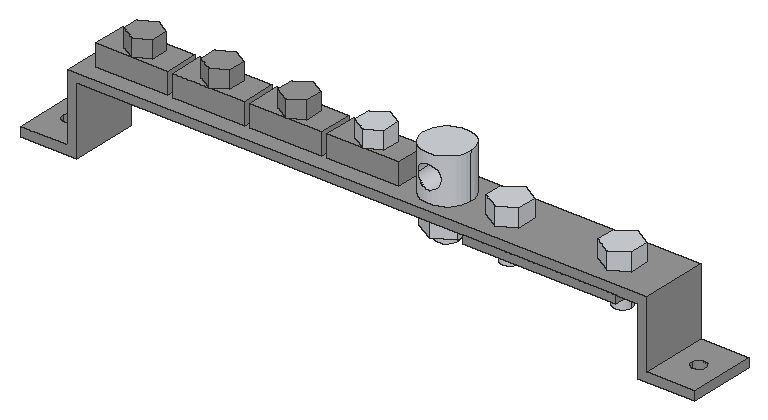
Revit family "Potentialausgleichsschiene einfache Ausführung", category Generic Models, Revit 2015
Parameters (values of type "1808")
  Width = 30 mm
  URL = "http://www.obo-bettermann.com"
  Material 2 = Brass, Soft Yellow
  Material = Steel, Galvanized
  Manufacturer Art.No. = "5015014"
  Manufacturer = "OBO Bettermann"
  Length 2 = 103 mm
  Length 1 = 258 mm
  Length = 300 mm
  Height = 34 mm
  GTIN = "4012195378075"
  Cut's number = 4
  Article Type = "1808"
Reference planes
  plane 1 "Center (Front/Back)": y = 0
  plane 2: z = 0
  plane 3 "Center (Left/Right)": x = 0
  plane 4: y = 15
  plane 5: y = -15
  plane 6: z = 43.5
  plane 7: z = 51.2
  plane 8: z = 25.9
  plane 9: z = 54
  plane 10: z = 19.8
  plane 11: z = 16
  plane 12: z = 41.7
  plane 13: z = 16.4
  plane 14: z = 26.5
Forms (mm)
  Extrusion 1, solid, material "Steel, Galvanized" <- "Material"
    sketch origin (0, 0, 0) x (1, 0, 0) y (0, 0, 1)
      loop
        line (-150, 0) -> (-125, 0) -> (-125, 30) -> (125, 30) -> (125, 0) -> (150, 0) -> (150, 4) -> (129, 4) -> (129, 34) -> (-129, 34) -> (-129, 4) -> (-150, 4) -> (-150, 0)
    from -15 to 15
  Extrusion 2, void
    sketch origin (0, 0, 0) x (1, 0, 0) y (0, 1, 0)
      loop
        circle (-140, 0) r 3.25
      loop
        circle (140, 0) r 3.25
    from 0 to 4
  Extrusion 3, solid, material "Brass, Soft Yellow" <- "Material 2"
    sketch origin (0, 0, 0) x (1, 0, 0) y (0, 1, 0)
      loop
        line (-122.5, 7.5) -> (-122.5, -7.5) -> (-90.5, -7.5) -> (-90.5, 7.5) -> (-122.5, 7.5)
    from 34 to 43.5
  Extrusion 4, solid, material "Brass, Soft Yellow" <- "Material 2"
    sketch origin (0, 0, 0) x (1, 0, 0) y (0, 1, 0)
      loop
        line (-100.032, 3.734) -> (-106.5, 7.468) -> (-112.968, 3.734) -> (-112.968, -3.734) -> (-106.5, -7.468) -> (-100.032, -3.734) -> (-100.032, 3.734)
    from 43.5 to 51.2
  Extrusion 5, solid, material "Brass, Soft Yellow" <- "Material 2"
    sketch origin (103, 0, 0) x (1, 0, 0) y (0, 1, 0)
      loop
        line (-122.5, 7.5) -> (-122.5, -7.5) -> (-90.5, -7.5) -> (-90.5, 7.5) -> (-122.5, 7.5)
    from 34 to 43.5
  Extrusion 6, solid
    sketch origin (103, 0, 0) x (1, 0, 0) y (0, 1, 0)
      loop
        line (-100.032, 3.734) -> (-106.5, 7.468) -> (-112.968, 3.734) -> (-112.968, -3.734) -> (-106.5, -7.468) -> (-100.032, -3.734) -> (-100.032, 3.734)
    from 43.5 to 51.2
  Extrusion 7, solid, material "Brass, Soft Yellow" <- "Material 2"
    sketch origin (34.333, 0, 0) x (1, 0, 0) y (0, 1, 0)
      loop
        line (-122.5, 7.5) -> (-122.5, -7.5) -> (-90.5, -7.5) -> (-90.5, 7.5) -> (-122.5, 7.5)
    from 34 to 43.5
  Extrusion 8, solid, material "Brass, Soft Yellow" <- "Material 2"
    sketch origin (34.333, 0, 0) x (1, 0, 0) y (0, 1, 0)
      loop
        line (-100.032, 3.734) -> (-106.5, 7.468) -> (-112.968, 3.734) -> (-112.968, -3.734) -> (-106.5, -7.468) -> (-100.032, -3.734) -> (-100.032, 3.734)
    from 43.5 to 51.2
  Extrusion 9, solid, material "Brass, Soft Yellow" <- "Material 2"
    sketch origin (68.667, 0, 0) x (1, 0, 0) y (0, 1, 0)
      loop
        line (-122.5, 7.5) -> (-122.5, -7.5) -> (-90.5, -7.5) -> (-90.5, 7.5) -> (-122.5, 7.5)
    from 34 to 43.5
  Extrusion 10, solid, material "Brass, Soft Yellow" <- "Material 2"
    sketch origin (68.667, 0, 0) x (1, 0, 0) y (0, 1, 0)
      loop
        line (-100.032, 3.734) -> (-106.5, 7.468) -> (-112.968, 3.734) -> (-112.968, -3.734) -> (-106.5, -7.468) -> (-100.032, -3.734) -> (-100.032, 3.734)
    from 43.5 to 51.2
  Extrusion 11, solid
    sketch origin (0, 0, 0) x (1, 0, 0) y (0, 1, 0)
      loop
        circle (-106.5, 0) r 4
      loop
        circle (-72.167, 0) r 4
      loop
        circle (-37.833, 0) r 4
      loop
        circle (-3.5, 0) r 4
    from 25.9 to 30
  Extrusion 12, solid
    sketch origin (0, 0, 0) x (1, 0, 0) y (0, 1, 0)
      loop
        circle (28, 0) r 10.693
    from 34 to 54
  Extrusion 13, solid
    sketch origin (0, 0, 0) x (1, 0, 0) y (0, 1, 0)
      loop
        line (36.547, 4.935) -> (28, 9.87) -> (19.453, 4.935) -> (19.453, -4.935) -> (28, -9.87) -> (36.547, -4.935) -> (36.547, 4.935)
    from 19.8 to 30
  Extrusion 14, solid
    sketch origin (0, 0, 0) x (1, 0, 0) y (0, 1, 0)
      loop
        circle (28, 0) r 5
    from 16 to 19.8
  Extrusion 15, void
    sketch origin (0, 0, 0) x (1, 0, 0) y (0, 0, 1)
      loop
        circle (28, 44.5) r 5.214
    from -15 to 15
  Extrusion 16, solid
    sketch origin (0, 0, 0) x (1, 0, 0) y (0, 1, 0)
      loop
        line (113.545, 4.356) -> (106, 8.712) -> (98.455, 4.356) -> (98.455, -4.356) -> (106, -8.712) -> (113.545, -4.356) -> (113.545, 4.356)
      loop
        line (63.497, 4.329) -> (56, 8.657) -> (48.503, 4.329) -> (48.503, -4.329) -> (56, -8.657) -> (63.497, -4.329) -> (63.497, 4.329)
    from 34 to 41.7
  Extrusion 17, solid
    sketch origin (0, 0, 0) x (1, 0, 0) y (0, 1, 0)
      loop
        circle (56, 0) r 4.016
      loop
        circle (106, 0) r 3.956
    from 16.4 to 30
  Extrusion 18, solid, material "Steel, Galvanized" <- "Material"
    sketch origin (0, 0, 0) x (1, 0, 0) y (0, 1, 0)
      loop
        line (47, 15) -> (47, -15) -> (115, -15) -> (115, 15) -> (47, 15)
    from 26.5 to 30
Cuts and joins
  Extrusion 2 cuts Extrusion 1
  Extrusion 15 cuts Extrusion 12
Dimensions and locks
  "Length": Extrusion 1 sketch curve to Extrusion 1 sketch curve
  equal spacing: Extrusion 1 sketch curve, plane 3 "Center (Left/Right)", Extrusion 1 sketch curve  (x2)
  "Height": Extrusion 1 sketch curve to level
  "Length 1": Extrusion 1 sketch curve to Extrusion 1 sketch curve
  locked: Extrusion 1 sketch curve to Extrusion 1 sketch curve at 4  (x4)
  "Width": plane 4 to plane 5
  equal spacing: plane 4, plane 1 "Center (Front/Back)", plane 5, locked at 15 each
  locked: Extrusion 2 sketch curve to Extrusion 2 sketch curve at 280
  equal spacing: Extrusion 2 sketch curve, plane 3 "Center (Left/Right)", Extrusion 2 sketch curve, locked at 140 each
  locked: Extrusion 1 to Extrusion 2 sketch curve at 15
  locked: Extrusion 2 sketch curve to plane 5 at 15
  Extrusion 3 sketch curve to Extrusion 3 sketch curve = 15 mm
  locked: Extrusion 3 sketch curve to Extrusion 3 sketch curve at 32
  locked: plane 6 to cut or joined group of Extrusion 1, Extrusion 2 at 9.5
  locked: plane 7 to plane 6 at 7.7
  Extrusion 5 sketch curve to Extrusion 5 sketch curve = 15 mm
  locked: Extrusion 5 sketch curve to Extrusion 5 sketch curve at 32
  "Length 2": Extrusion 3 to Extrusion 5
  Extrusion 7 sketch curve to Extrusion 7 sketch curve = 15 mm
  locked: Extrusion 7 sketch curve to Extrusion 7 sketch curve at 32
  Extrusion 9 sketch curve to Extrusion 9 sketch curve = 15 mm
  locked: Extrusion 9 sketch curve to Extrusion 9 sketch curve at 32
  locked: cut or joined group of Extrusion 1, Extrusion 2 to plane 8 at 4.1
  locked: Extrusion 12 sketch curve to cut or joined group of Extrusion 1, Extrusion 2 at 122
  locked: cut or joined group of Extrusion 1, Extrusion 2 to Extrusion 12 sketch curve at 15
  locked: plane 9 to cut or joined group of Extrusion 1, Extrusion 2 at 20
  cut or joined group of Extrusion 1, Extrusion 2 to plane 10 = 10.2 mm
  locked: plane 10 to plane 11 at 3.8
  locked: Extrusion 15 sketch curve to cut or joined group of Extrusion 1, Extrusion 2 at 10.5
  locked: Extrusion 15 sketch curve to plane 3 "Center (Left/Right)" at 28
  locked: plane 12 to cut or joined group of Extrusion 1, Extrusion 2 at 7.7
  locked: cut or joined group of Extrusion 1, Extrusion 2 to plane 13 at 13.6
  locked: Extrusion 18 sketch curve to Extrusion 18 sketch curve at 68
  locked: Extrusion 18 sketch curve to cut or joined group of Extrusion 1, Extrusion 2 at 35
  locked: cut or joined group of Extrusion 1, Extrusion 2 to plane 14 at 3.5
  diameter of Extrusion 2 sketch curve = 6.5 mm  (x2)
  diameter of Extrusion 14 sketch curve = 10 mm
  diameter of Extrusion 15 sketch curve = 10.429 mm
  aligned and locked: level to plane 2
  aligned and locked: Extrusion 1 sketch curve to level  (x2)
  aligned and locked: Extrusion 1 sketch curve to Extrusion 1 sketch curve
  aligned and locked: plane 4 to Extrusion 1
  aligned and locked: Extrusion 1 to plane 5
  aligned and locked: Extrusion 2 to level
  aligned and locked: Extrusion 1 to Extrusion 2
  aligned and locked: Extrusion 3 to cut or joined group of Extrusion 1, Extrusion 2
  aligned and locked: plane 6 to Extrusion 3
  aligned and locked: Extrusion 4 to Extrusion 3
  aligned and locked: plane 7 to Extrusion 4
  aligned and locked: Extrusion 6 to Extrusion 5
  aligned and locked: Extrusion 8 to Extrusion 7
  aligned and locked: Extrusion 10 to Extrusion 9
  aligned and locked: Extrusion 11 to plane 8
  aligned and locked: Extrusion 11 to cut or joined group of Extrusion 1, Extrusion 2
  aligned and locked: plane 9 to Extrusion 12
  aligned and locked: Extrusion 12 to cut or joined group of Extrusion 1, Extrusion 2
  aligned and locked: Extrusion 13 to plane 10
  aligned and locked: Extrusion 13 to cut or joined group of Extrusion 1, Extrusion 2
  aligned and locked: Extrusion 14 to plane 11
  aligned and locked: Extrusion 14 to Extrusion 13
  aligned and locked: plane 4 to Extrusion 15
  aligned and locked: Extrusion 15 to plane 5
  aligned and locked: plane 12 to Extrusion 16
  aligned and locked: Extrusion 16 to cut or joined group of Extrusion 1, Extrusion 2
  aligned and locked: Extrusion 17 to cut or joined group of Extrusion 1, Extrusion 2
  aligned and locked: Extrusion 17 to plane 13
  aligned and locked: Extrusion 18 sketch curve to plane 4
  aligned and locked: plane 5 to Extrusion 18 sketch curve
  aligned and locked: Extrusion 18 to plane 14
  aligned and locked: Extrusion 18 to cut or joined group of Extrusion 1, Extrusion 2
Automatic sketch dimensions
  Extrusion 4 sketch curve to Extrusion 4 sketch curve = 6.468 mm  (x3)
  Extrusion 4 sketch curve to Extrusion 4 sketch curve = 3.734 mm  (x3)
  Extrusion 4 sketch curve to Extrusion 4 sketch curve = 7.468 mm  (x2)
  Extrusion 6 sketch curve to Extrusion 6 sketch curve = 6.468 mm  (x3)
  Extrusion 6 sketch curve to Extrusion 6 sketch curve = 3.734 mm  (x3)
  Extrusion 6 sketch curve to Extrusion 6 sketch curve = 7.468 mm  (x2)
  Extrusion 8 sketch curve to Extrusion 8 sketch curve = 6.468 mm  (x3)
  Extrusion 8 sketch curve to Extrusion 8 sketch curve = 3.734 mm  (x3)
  Extrusion 8 sketch curve to Extrusion 8 sketch curve = 7.468 mm  (x2)
  Extrusion 10 sketch curve to Extrusion 10 sketch curve = 6.468 mm  (x3)
  Extrusion 10 sketch curve to Extrusion 10 sketch curve = 3.734 mm  (x3)
  Extrusion 10 sketch curve to Extrusion 10 sketch curve = 7.468 mm  (x2)
  plane 1 "Center (Front/Back)" to Extrusion 11 sketch curve = 0 mm  (x4)
  Extrusion 11 sketch curve to plane 3 "Center (Left/Right)" = 106.5 mm
  Extrusion 11 sketch curve to Extrusion 11 sketch curve = 34.333 mm  (x2)
  Extrusion 11 sketch curve to plane 3 "Center (Left/Right)" = 3.5 mm
  plane 1 "Center (Front/Back)" to Extrusion 13 sketch curve = 4.935 mm  (x2)
  plane 3 "Center (Left/Right)" to Extrusion 13 sketch curve = 19.453 mm
  plane 5 to Extrusion 13 sketch curve = 5.13 mm
  Extrusion 13 sketch curve to Extrusion 13 sketch curve = 8.547 mm  (x3)
  Extrusion 13 sketch curve to plane 4 = 5.13 mm
  Extrusion 13 sketch curve to plane 1 "Center (Front/Back)" = 4.935 mm  (x2)
  plane 1 "Center (Front/Back)" to Extrusion 14 sketch curve = 0 mm
  plane 3 "Center (Left/Right)" to Extrusion 14 sketch curve = 28 mm
  plane 5 to Extrusion 16 sketch curve = 6.343 mm
  Extrusion 16 sketch curve to plane 1 "Center (Front/Back)" = 4.329 mm  (x2)
  Extrusion 16 sketch curve to plane 4 = 6.343 mm
  Extrusion 16 sketch curve to Extrusion 16 sketch curve = 7.497 mm  (x3)
  Extrusion 16 sketch curve to plane 1 "Center (Front/Back)" = 4.356 mm  (x2)
  plane 5 to Extrusion 16 sketch curve = 6.288 mm
  Extrusion 16 sketch curve to plane 4 = 6.288 mm
  Extrusion 16 sketch curve to Extrusion 16 sketch curve = 7.545 mm  (x3)
  plane 1 "Center (Front/Back)" to Extrusion 16 sketch curve = 4.356 mm  (x2)
  plane 1 "Center (Front/Back)" to Extrusion 16 sketch curve = 4.329 mm  (x2)
  Extrusion 16 sketch curve to Extrusion 16 sketch curve = 34.958 mm
  plane 3 "Center (Left/Right)" to Extrusion 16 sketch curve = 48.503 mm
  plane 1 "Center (Front/Back)" to Extrusion 17 sketch curve = 0 mm  (x2)
  plane 3 "Center (Left/Right)" to Extrusion 17 sketch curve = 56 mm
  Extrusion 17 sketch curve to Extrusion 17 sketch curve = 50 mm
  plane 1 "Center (Front/Back)" to Extrusion 3 sketch curve = 7.5 mm
  Extrusion 3 sketch curve to plane 3 "Center (Left/Right)" = 122.5 mm
  plane 1 "Center (Front/Back)" to Extrusion 4 sketch curve = 3.734 mm
  Extrusion 4 sketch curve to plane 3 "Center (Left/Right)" = 112.968 mm
  plane 1 "Center (Front/Back)" to Extrusion 7 sketch curve = 7.5 mm
  Extrusion 7 sketch curve to plane 3 "Center (Left/Right)" = 88.167 mm
  plane 1 "Center (Front/Back)" to Extrusion 8 sketch curve = 3.734 mm
  Extrusion 8 sketch curve to plane 3 "Center (Left/Right)" = 78.634 mm
  plane 1 "Center (Front/Back)" to Extrusion 9 sketch curve = 7.5 mm
  Extrusion 9 sketch curve to plane 3 "Center (Left/Right)" = 53.833 mm
  plane 1 "Center (Front/Back)" to Extrusion 10 sketch curve = 3.734 mm
  Extrusion 10 sketch curve to plane 3 "Center (Left/Right)" = 44.301 mm
  plane 1 "Center (Front/Back)" to Extrusion 5 sketch curve = 7.5 mm
  Extrusion 5 sketch curve to plane 3 "Center (Left/Right)" = 19.5 mm
  plane 1 "Center (Front/Back)" to Extrusion 6 sketch curve = 3.734 mm
  Extrusion 6 sketch curve to plane 3 "Center (Left/Right)" = 9.968 mm
  radius of Extrusion 11 sketch curve = 4 mm  (x4)
  radius of Extrusion 12 sketch curve = 10.693 mm
  radius of Extrusion 17 sketch curve = 4.016 mm
  radius of Extrusion 17 sketch curve = 3.956 mm
